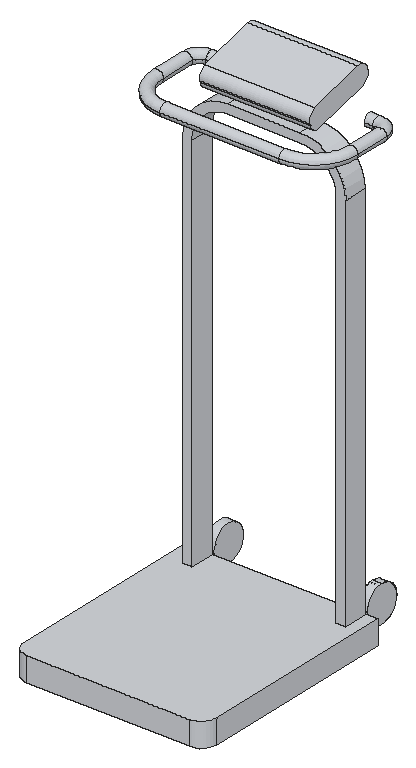
Revit family "MX306", category Specialty Equipment, Revit 2021
Family settings
  Round Connector Dimension = Use Diameter
  Part Type = Normal
  Work Plane-Based = No
  Always vertical = Yes
  Cut with Voids When Loaded = No
  Shared = No
  Room Calculation Point = No
Parameters
  width = 16.0"
  to wall = 3.32"
  OA HGT = 43.398"
  Height from Floor = 41.5"
  Handlebar width = 17.24"
  Default Elevation = 0.0"
Reference planes (in)
  plane 1 "Center (Front/Back)": y = 0
  plane 2: z = 0
  plane 3 "Center (Left/Right)": x = -0.33211
  plane 4: x = -8.33211
  plane 5: x = 7.66789
  plane 6: y = 3.32
  plane 7: z = 41.5
  plane 8: x = -8.95211
  plane 9: x = 8.28789
  plane 10: y = -18.12615
Forms (in)
  Extrusion 1, solid
    sketch origin (0, 0, 0) x (1, 0, 0) y (0, 1, 0)
      loop
        line (-8.33211, 0) -> (-8.33211, -16.75463)
        arc (-8.33211, -16.75463) -> (-7.966, -17.63851) -> (-7.08211, -18.00463) r 1.25
        line (-7.08211, -18.00463) -> (6.41789, -18.00463)
        arc (6.41789, -18.00463) -> (7.30177, -17.63851) -> (7.66789, -16.75463) r 1.25
        line (7.66789, -16.75463) -> (7.66789, 0) -> (-8.33211, 0)
    from 0 to 2
  Extrusion 2, solid
    sketch origin (0, 22.41669, -5.42779) x (0, 0.965926, 0.258819) y (0, -0.258819, 0.965926)
      loop
        arc (-12.46516, 50.60116) -> (-12.99549, 50.38149) -> (-13.21516, 49.85116) r 0.75
        line (-13.21516, 49.85116) -> (-13.21516, 49.63415)
        arc (-13.21516, 49.63415) -> (-12.99549, 49.10382) -> (-12.46516, 48.88415) r 0.75
        line (-12.46516, 48.88415) -> (-7.82644, 48.88415)
        arc (-7.82644, 48.88415) -> (-7.29611, 49.10382) -> (-7.07644, 49.63415) r 0.75
        line (-7.07644, 49.63415) -> (-7.07644, 49.85116)
        arc (-7.07644, 49.85116) -> (-7.29611, 50.38149) -> (-7.82644, 50.60116) r 0.75
        line (-7.82644, 50.60116) -> (-12.46516, 50.60116)
    from 4.63774 to -4.5
  Sweep 3, solid
    path origin (0.20475, 0, 0) x (1, 0, 0) y (0, 0, 1)
      loop
        line (-6.33211, 2) -> (-6.33211, 33.76)
        arc (-6.33211, 33.76) -> (-5.45343, 35.88132) -> (-3.33211, 36.76) r 3
        line (-3.33211, 36.76) -> (2.66789, 36.76)
        arc (2.66789, 36.76) -> (4.78921, 35.88132) -> (5.66789, 33.76) r 3
        line (5.66789, 33.76) -> (5.66789, 2)
    profile origin (-6.12736, 0, 17.88) x (-1, 0, 0) y (0, -1, 0)
      loop
        line (0, 0.05094) -> (0.75, 0.05094) -> (0.75, 2.05094) -> (0, 2.05094) -> (0, 0.05094)
  Extrusion 4, solid
    sketch origin (-0.33211, -1.5741, -0.99843) x (0, 1, 0) y (0, 0, 1)
      loop
        circle (3.32, 3.01497) r 1.5
    from 6.95475 to 6.20475
  Extrusion 5, solid
    sketch origin (-0.33211, -1.54319, -0.99843) x (0, 1, 0) y (0, 0, 1)
      loop
        circle (3.32, 3.01497) r 1.5
    from 6.95475 to 6.20475
  Extrusion 6, solid
    sketch origin (-0.33211, -1.56683, -0.94782) x (0, 1, 0) y (0, 0, 1)
      loop
        circle (3.32, 3.01497) r 1.5
    from -5.79525 to -6.54525
  Sweep 7, solid
    path origin (0, 12.23034, 0) x (1, 0, 0) y (0, 1, 0)
      loop
        line (5.9041, -10.36083) -> (6.62, -10.36083)
        arc (6.62, -10.36083) -> (7.79937, -10.84934) -> (8.28789, -12.02871) r 1.66789
        line (8.28789, -12.02871) -> (8.28789, -15.02871)
        arc (8.28789, -15.02871) -> (7.21359, -17.6223) -> (4.62, -18.6966) r 3.66789
        line (4.62, -18.6966) -> (-5.28423, -18.6966)
        arc (-5.28423, -18.6966) -> (-7.87782, -17.6223) -> (-8.95211, -15.02871) r 3.66789
        line (-8.95211, -15.02871) -> (-8.95211, -12.02871)
        arc (-8.95211, -12.02871) -> (-8.4636, -10.84934) -> (-7.28423, -10.36083) r 1.66789
        line (-7.28423, -10.36083) -> (-6.28423, -10.36083)
    profile origin (6.26205, 1.86951, 0) x (0, 1, 0) y (0, 0, 1)
      loop
        circle (-0.52881, 38.05174) r 0.5
Cuts and joins
  joined: Extrusion 1, Sweep 3
Dimensions and locks (in)
  equal spacing: plane 4, plane 3 "Center (Left/Right)", plane 5
  "width": plane 4 to plane 5
  "to wall": plane 6 to plane 1 "Center (Front/Back)"
  "Height from Floor": plane 7 to level
  equal spacing: plane 8, plane 3 "Center (Left/Right)", plane 9
  "Handlebar width": plane 8 to plane 9
  radius of Extrusion 4 sketch curve = 1.5"
  radius of Extrusion 5 sketch curve = 1.5"
  radius of Extrusion 6 sketch curve = 1.5"
  aligned and locked: level to plane 2
  aligned and locked: Sweep 3 to Sweep 3
Automatic sketch dimensions
  plane 1 "Center (Front/Back)" to Extrusion 1 sketch curve = 0.0"
  Extrusion 1 sketch curve to plane 4 = 0.0"
  Extrusion 1 sketch curve to plane 5 = 0.0"
  Extrusion 1 sketch curve to Extrusion 1 sketch curve = 1.25"
  Extrusion 1 sketch curve to plane 5 = 1.25"
  plane 1 "Center (Front/Back)" to Extrusion 1 sketch curve = 16.75463"
  Extrusion 2 sketch curve to plane 7 = 2.40522"
  plane 1 "Center (Front/Back)" to Extrusion 2 sketch curve = 3.19443"
  Extrusion 2 sketch curve to Extrusion 2 sketch curve = 0.75"  (x2)
  Extrusion 2 sketch curve to Extrusion 2 sketch curve = 0.0"  (x2)
  Extrusion 2 sketch curve to Extrusion 2 sketch curve = 4.63872"
  Extrusion 2 sketch curve to Extrusion 2 sketch curve = 0.21701"
  plane 4 to Sweep 3 sketch curve = 2.20475"
  Sweep 3 sketch curve to plane 3 "Center (Left/Right)" = 2.79525"
  plane 3 "Center (Left/Right)" to Sweep 3 sketch curve = 3.20475"
  Sweep 3 sketch curve to plane 5 = 1.79525"
  Sweep 3 sketch curve to plane 7 = 7.74"
  level to Sweep 3 sketch curve = 2.0"  (x2)
  Sweep 3 sketch curve to profile plane = 0.0"
  Sweep 3 sketch curve to profile plane = 0.75"
  plane 1 "Center (Front/Back)" to Sweep 3 sketch curve = 0.05094"
  Sweep 3 sketch curve to Sweep 3 sketch curve = 2.0"
  Extrusion 4 sketch curve to plane 6 = 1.5741"
  level to Extrusion 4 sketch curve = 2.01654"
  Extrusion 5 sketch curve to plane 6 = 1.54319"
  level to Extrusion 5 sketch curve = 2.01654"
  Extrusion 6 sketch curve to plane 6 = 1.56683"
  level to Extrusion 6 sketch curve = 2.06715"
  Sweep 7 sketch curve to plane 8 = 0.0"
  Sweep 7 sketch curve to plane 9 = 0.0"
  plane 4 to Sweep 7 sketch curve = 1.04789"
  plane 4 to Sweep 7 sketch curve = 3.04789"
  Sweep 7 sketch curve to plane 5 = 3.04789"
  Sweep 7 sketch curve to plane 5 = 1.04789"
  plane 1 "Center (Front/Back)" to Sweep 7 sketch curve = 6.46626"
  Sweep 7 sketch curve to Sweep 7 sketch curve = 3.0"  (x2)
  Sweep 7 sketch curve to Sweep 7 sketch curve = 1.0"
  Sweep 7 sketch curve to Sweep 7 sketch curve = 0.7159"
  level to Sweep 7 sketch curve = 38.05174"
  profile plane to Sweep 7 sketch curve = 0.52881"
  radius of Sweep 7 sketch curve = 0.5"
